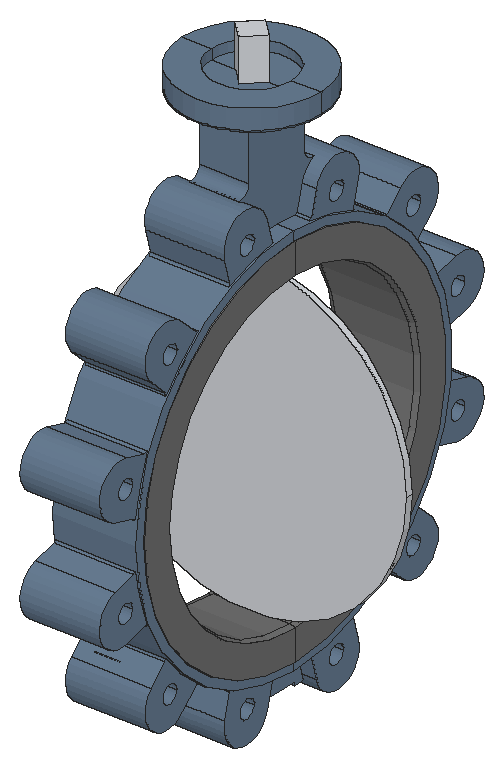
Revit family "Запорно-регулирующая заслонка AF-4219", category Rohrzubehör, Revit 2018
Family settings
  Bemaßung runder Anschluss = Durchmesser verwenden
  Teiletyp = Unterbricht
  OmniClass-Nummer = 23.65.55.14
  OmniClass-Titel = Valves for Liquid Services
  Arbeitsebenenbasiert = Nein
  Immer vertikal = Ja
  Beim Laden mit Abzugskörper schneiden = Nein
  Gemeinsam genutzt = Nein
Parameters
  Шпиндель = "Нержавеющая сталь ASTM-A276 / Type 316"  # constant formula
  Фланцевое соединение = "В соответствии с EN1092-2"  # constant formula
  Уплотнение корпуса = "EPDM в соответствии с ISO 1691"  # constant formula
  Среда = "Качество теплоносителя в соответствии с ÖNORM H5195 и/или предписаниями VDI 2035.\r\nРазрешается использование смеси этилен или пропиленгликоля в соотношении 25-50% с водой."
  Область применения = "Применяются в системах тепло- и холодоснабжения."
  Номер заказа [instance] = size_lookup("4219_AF_", "Artnr", 421911, Nennweite)  # 1421939
  Макс. рабочая температура = 110 °C  # constant formula
  Крутящий момент в Нм [instance] = size_lookup("4219_AF_", "Nm", 20, Nennweite)  # 350
  Корпус = "Чугун GGG, GJS-400-15/JS1030, в соответствии с EN1563"  # constant formula
  Диск = "Нержавеющая сталь 1.4408"  # constant formula
  Вес [instance] = size_lookup("4219_AF_", "Gewicht", 3.8, Nennweite)  # 37.6
  Болты [instance] = if(Nennweite = 50.000 mm, "4x M16x35", if(Nennweite = 65.000 mm, "4x M16x35", if(Nennweite = 80.000 mm, "8x M16x35", if(Nennweite = 100.000 mm, "8x M16x40", if(Nennweite = 125.000 mm, "8x M16x40", if(Nennweite = 150.000 mm, "8x M20x40", if(Nennweite = 200.000 mm, "12x M20x45", if(Nennweite = 250.000 mm, "12x M24x45", "12x M24x45"))))))))  # "12x M24x45"
  URL = "www.herz-armaturen.ru"
  SCTWSEQ = "FW;SBT_TYP_FW=\"101\";2"
  SCTWCODE = "04;07;02"  # constant formula
  SCRNSEQ = "ARM;ARM_TYP=\"ALLF\";2"
  SCRNCODE = "05;13;02"  # constant formula
  R99 = 1.500 mm  # constant formula
  R02 [instance] = size_lookup("4219_AF_", "R2", 1.000 mm, Nennweite)  # 37.500 mm
  PN [instance] = size_lookup("4219_AF_", "PN", 16, Nennweite)  # 10
  O-Ring = "EPDM в соответствии с ISO 1691"  # constant formula
  Мин. рабочая температура = "-20.00 °C при соответствующей водно-гликолевой смеси"  # constant formula
  L05 [instance] = size_lookup("4219_AF_", "L5", 1.000 mm, Nennweite)  # 22.000 mm
  L04 [instance] = L01 - 3.500 mm  # 35.500 mm
  L03 [instance] = L01 + 1.500 mm  # 40.500 mm
  L02 [instance] = size_lookup("4219_AF_", "L2", 14.500 mm, Nennweite)  # 30.500 mm
  L01 [instance] = size_lookup("4219_AF_", "L1", 21.500 mm, Nennweite)  # 39.000 mm
  R01 [instance] = size_lookup("4219_AF_", "R1", 44.000 mm, Nennweite)  # 65.000 mm
  Nennweite [instance] = 300.000 mm
  Hersteller = "HERZ Armaturen Ges.m.b.H."  # constant formula
  H05 [instance] = size_lookup("4219_AF_", "H5", 1.000 mm, Nennweite) + H03  # 39.000 mm
  H04 [instance] = H01 - H03  # 299.000 mm
  H03 [instance] = size_lookup("4219_AF_", "H3", 1.000 mm, Nennweite)  # 9.000 mm
  H02 [instance] = size_lookup("4219_AF_", "H2", 13.000 mm, Nennweite)  # 20.000 mm
  H01 [instance] = size_lookup("4219_AF_", "H1", 125.000 mm, Nennweite)  # 308.000 mm
  DN80 [instance] = Nennweite = 80.000 mm  # no
  DN65 [instance] = Nennweite = 65.000 mm  # no
  DN50 [instance] = Nennweite = 50.000 mm  # no
  DN300 [instance] = Nennweite = 300.000 mm  # yes
  DN250 [instance] = Nennweite = 250.000 mm  # no
  DN200 [instance] = Nennweite = 200.000 mm  # no
  DN150 [instance] = Nennweite = 150.000 mm  # no
  DN125 [instance] = Nennweite = 125.000 mm  # no
  DN100 [instance] = Nennweite = 100.000 mm  # no
  D06 [instance] = size_lookup("4219_AF_", "D6", 25.300 mm, Nennweite)  # 146.500 mm
  D05 [instance] = size_lookup("4219_AF_", "D5", 24.500 mm, Nennweite)  # 145.000 mm
  D04 [instance] = D05 + 2.000 mm  # 147.000 mm
  D03 [instance] = size_lookup("4219_AF_", "D3", 35.500 mm, Nennweite)  # 167.500 mm
  D02 [instance] = size_lookup("4219_AF_", "D2", 41.000 mm, Nennweite)  # 175.000 mm
  D01 [instance] = size_lookup("4219_AF_", "D1", 47.000 mm, Nennweite)  # 183.000 mm
Reference planes
  plane 1 "Mitte (Vorne/hinten)": y = 0
  plane 2: z = 0
  plane 3 "Mitte (Links/rechts)": x = 0
Forms (mm)
  Revolve 1, solid, material "Herz-Metall-blau", detail levels fine
    sketch origin (0, 0, 0) x (1, 0, 0) y (0, 0, 1)
      loop
        line (-30.5, 175) -> (-30.5, 167.5) -> (30.5, 167.5) -> (30.5, 175) -> (39, 175) -> (39, 183) -> (-39, 183) -> (-39, 175) -> (-30.5, 175)
      axis (-39, 0) -> (39, 0)
    angle from 0 to 360
  Revolve 2, solid, material "Herz-Metall-blau", detail levels fine
    sketch origin (0, 0, 0) x (1, 0, 0) y (0, 0, 1)
      loop
        line (-65, 308) -> (-65, 289.463)
        arc (-65, 289.463) -> (-64.673, 288.527) -> (-63.833, 288) r 1.5
        line (-63.833, 288) -> (0, 288) -> (0, 299) -> (-37.5, 299) -> (-37.5, 308) -> (-65, 308)
      axis (0, 308) -> (0, 288)
    angle from 0 to 360
  Extrusion 3, solid, material "Herz-Metall-blau", visible <- "DN50", detail levels fine
    sketch origin (0, 0, 0) x (0, 1, 0) y (0, 0, 1)
      loop
        line (56.215, -32.173) -> (43.95, -19.909)
        arc (43.95, -19.909) -> (43.387, -18.793) -> (43.596, -17.56) r 2
        arc (43.596, -17.56) -> (33.234, -33.234) -> (17.56, -43.596) r 47
        arc (17.56, -43.596) -> (18.793, -43.387) -> (19.909, -43.95) r 2
        line (19.909, -43.95) -> (32.173, -56.215)
        arc (32.173, -56.215) -> (56.215, -56.215) -> (56.215, -32.173) r 17
      loop
        arc (-56.215, -32.173) -> (-56.215, -56.215) -> (-32.173, -56.215) r 17
        line (-32.173, -56.215) -> (-19.909, -43.95)
        arc (-19.909, -43.95) -> (-18.793, -43.387) -> (-17.56, -43.596) r 2
        arc (-17.56, -43.596) -> (-33.234, -33.234) -> (-43.596, -17.56) r 47
        arc (-43.596, -17.56) -> (-43.387, -18.793) -> (-43.95, -19.909) r 2
        line (-43.95, -19.909) -> (-56.215, -32.173)
      loop
        arc (56.215, 32.173) -> (56.215, 56.215) -> (32.173, 56.215) r 17
        line (32.173, 56.215) -> (19.909, 43.95)
        arc (19.909, 43.95) -> (18.793, 43.387) -> (17.56, 43.596) r 2
        arc (17.56, 43.596) -> (33.234, 33.234) -> (43.596, 17.56) r 47
        arc (43.596, 17.56) -> (43.387, 18.793) -> (43.95, 19.909) r 2
        line (43.95, 19.909) -> (56.215, 32.173)
      loop
        line (-56.215, 32.173) -> (-43.95, 19.909)
        arc (-43.95, 19.909) -> (-43.387, 18.793) -> (-43.596, 17.56) r 2
        arc (-43.596, 17.56) -> (-33.234, 33.234) -> (-17.56, 43.596) r 47
        arc (-17.56, 43.596) -> (-18.793, 43.387) -> (-19.909, 43.95) r 2
        line (-19.909, 43.95) -> (-32.173, 56.215)
        arc (-32.173, 56.215) -> (-56.215, 56.215) -> (-56.215, 32.173) r 17
      loop
        circle (-44.194, 44.194) r 6.92
      loop
        circle (44.194, 44.194) r 6.92
      loop
        circle (44.194, -44.194) r 6.92
      loop
        circle (-44.194, -44.194) r 6.92
    from -19.5 to 19.5
  Extrusion 4, solid, material "Herz-Metall-blau", visible <- "DN50", detail levels fine
    sketch origin (0, 0, 0) x (0, 1, 0) y (0, 0, 1)
      loop
        line (20, 74.845) -> (20, 112) -> (-20, 112) -> (-20, 74.845)
        arc (-20, 74.845) -> (-26.046, 62.811) -> (-39.31, 60.477) r 15
        arc (-39.31, 60.477) -> (-35.477, 58.789) -> (-32.173, 56.215) r 17
        line (-32.173, 56.215) -> (-19.909, 43.95)
        arc (-19.909, 43.95) -> (-18.793, 43.387) -> (-17.56, 43.596) r 2
        arc (-17.56, 43.596) -> (0, 47) -> (17.56, 43.596) r 47
        arc (17.56, 43.596) -> (18.793, 43.387) -> (19.909, 43.95) r 2
        line (19.909, 43.95) -> (32.173, 56.215)
        arc (32.173, 56.215) -> (35.477, 58.789) -> (39.31, 60.477) r 17
        arc (39.31, 60.477) -> (26.046, 62.811) -> (20, 74.845) r 15
    from -15 to 15
  Extrusion 5, solid, material "Herz-Metall-blau", visible <- "DN50"
    sketch origin (0, 0, 0) x (0, 1, 0) y (0, 0, 1)
      loop
        arc (33.834, -58) -> (34.246, -58.062) -> (34.622, -58.243) r 1.4
        arc (34.622, -58.243) -> (33.35, -57.286) -> (32.173, -56.215) r 17
        line (32.173, -56.215) -> (19.909, -43.95)
        arc (19.909, -43.95) -> (18.793, -43.387) -> (17.56, -43.596) r 2
        arc (17.56, -43.596) -> (0, -47) -> (-17.56, -43.596) r 47
        arc (-17.56, -43.596) -> (-18.793, -43.387) -> (-19.909, -43.95) r 2
        line (-19.909, -43.95) -> (-32.173, -56.215)
        arc (-32.173, -56.215) -> (-33.35, -57.286) -> (-34.622, -58.243) r 17
        arc (-34.622, -58.243) -> (-34.246, -58.062) -> (-33.834, -58) r 1.4
        line (-33.834, -58) -> (-16.963, -58)
        arc (-16.963, -58) -> (-15.575, -58.575) -> (-15, -59.963) r 1.963
        line (-15, -59.963) -> (-15, -61) -> (15, -61) -> (15, -59.963)
        arc (15, -59.963) -> (15.575, -58.575) -> (16.963, -58) r 1.963
        line (16.963, -58) -> (33.834, -58)
    from -15 to 15
  Revolve 6, solid, material "Gummi", detail levels fine
    sketch origin (-134.5, 0, 0) x (1, 0, 0) y (0, 0, 1)
      loop
        line (94, 175) -> (94, 147) -> (99, 145) -> (170, 145) -> (175, 147) -> (175, 175) -> (165, 175) -> (165, 167.5) -> (104, 167.5) -> (104, 175) -> (94, 175)
      axis (94, 0) -> (175, 0)
    angle from 0 to 360
  Extrusion 7, solid, detail levels fine
    sketch origin (0, 0, 0) x (1, 0, 0) y (0, 0, 1)
      loop
        circle (0, 0) r 146.5
    from -2.5 to 2.5
  Extrusion 8, solid, material "Herz-Metall-blau", visible <- "DN65", detail levels fine
    sketch origin (0, -300, 0) x (0, 1, 0) y (0, 0, 1)
      loop
        circle (351.265, 51.265) r 6.92
      loop
        arc (363.286, 39.244) -> (363.286, 63.286) -> (339.244, 63.286) r 17
        line (339.244, 63.286) -> (328.595, 52.636)
        arc (328.595, 52.636) -> (327.499, 52.076) -> (326.282, 52.264) r 2
        arc (326.282, 52.264) -> (341.366, 41.366) -> (352.264, 26.282) r 58.501
        arc (352.264, 26.282) -> (352.087, 27.51) -> (352.656, 28.614) r 2.038
        line (352.656, 28.614) -> (363.286, 39.244)
      loop
        circle (351.265, -51.265) r 6.92
      loop
        line (363.286, -39.244) -> (352.656, -28.614)
        arc (352.656, -28.614) -> (352.087, -27.51) -> (352.264, -26.282) r 2.038
        arc (352.264, -26.282) -> (341.366, -41.366) -> (326.282, -52.264) r 58.501
        arc (326.282, -52.264) -> (327.499, -52.076) -> (328.595, -52.636) r 2
        line (328.595, -52.636) -> (339.244, -63.286)
        arc (339.244, -63.286) -> (363.286, -63.286) -> (363.286, -39.244) r 17
      loop
        circle (248.735, 51.265) r 6.92
      loop
        line (236.714, 39.244) -> (247.344, 28.614)
        arc (247.344, 28.614) -> (247.913, 27.51) -> (247.736, 26.282) r 2.038
        arc (247.736, 26.282) -> (258.634, 41.366) -> (273.718, 52.264) r 58.501
        arc (273.718, 52.264) -> (272.501, 52.076) -> (271.405, 52.636) r 2
        line (271.405, 52.636) -> (260.756, 63.286)
        arc (260.756, 63.286) -> (236.714, 63.286) -> (236.714, 39.244) r 17
      loop
        circle (248.735, -51.265) r 6.92
      loop
        arc (236.714, -39.244) -> (236.714, -63.286) -> (260.756, -63.286) r 17
        line (260.756, -63.286) -> (271.405, -52.636)
        arc (271.405, -52.636) -> (272.501, -52.076) -> (273.718, -52.264) r 2
        arc (273.718, -52.264) -> (258.634, -41.366) -> (247.736, -26.282) r 58.501
        arc (247.736, -26.282) -> (247.913, -27.51) -> (247.344, -28.614) r 2.038
        line (247.344, -28.614) -> (236.714, -39.244)
    from -21 to 21
  Extrusion 9, solid, material "Herz-Metall-blau", visible <- "DN65", detail levels fine
    sketch origin (0, -300, 0) x (0, 1, 0) y (0, 0, 1)
      loop
        line (278, 136.5) -> (278, 78.286)
        arc (278, 78.286) -> (272.889, 69.099) -> (263, 65.53) r 14.984
        line (263, 65.53) -> (257.982, 65.53)
        arc (257.982, 65.53) -> (259.428, 64.481) -> (260.756, 63.286) r 17
        line (260.756, 63.286) -> (271.405, 52.636)
        arc (271.405, 52.636) -> (272.501, 52.076) -> (273.718, 52.264) r 2
        arc (273.718, 52.264) -> (300, 58.5) -> (326.282, 52.264) r 58.5
        arc (326.282, 52.264) -> (327.499, 52.076) -> (328.595, 52.636) r 2
        line (328.595, 52.636) -> (339.244, 63.286)
        arc (339.244, 63.286) -> (340.572, 64.481) -> (342.018, 65.53) r 17
        line (342.018, 65.53) -> (337, 65.53)
        arc (337, 65.53) -> (327.111, 69.099) -> (322, 78.286) r 14.984
        line (322, 78.286) -> (322, 136.5) -> (278, 136.5)
      loop
        arc (260.756, -63.286) -> (259.428, -64.481) -> (257.982, -65.53) r 17
        line (257.982, -65.53) -> (280.029, -65.53)
        arc (280.029, -65.53) -> (281.423, -66.108) -> (282, -67.501) r 1.971
        line (282, -67.501) -> (282, -74) -> (318, -74) -> (318, -67.527)
        arc (318, -67.527) -> (318.585, -66.115) -> (319.997, -65.53) r 1.997
        line (319.997, -65.53) -> (342.018, -65.53)
        arc (342.018, -65.53) -> (340.572, -64.481) -> (339.244, -63.286) r 17
        line (339.244, -63.286) -> (328.595, -52.636)
        arc (328.595, -52.636) -> (327.499, -52.076) -> (326.282, -52.264) r 2
        arc (326.282, -52.264) -> (300, -58.5) -> (273.718, -52.264) r 58.5
        arc (273.718, -52.264) -> (272.501, -52.076) -> (271.405, -52.636) r 2
        line (271.405, -52.636) -> (260.756, -63.286)
    from -18 to 18
  Extrusion 10, solid, material "Herz-Metall-blau", visible <- "DN80", detail levels fine
    sketch origin (0, -300, 0) x (0, 1, 0) y (0, 0, 1)
      loop
        circle (269.385, 73.91) r 6.92
      loop
        arc (285.091, 80.416) -> (262.88, 89.616) -> (253.679, 67.405) r 17
        line (253.679, 67.405) -> (259.513, 53.322)
        arc (259.513, 53.322) -> (259.602, 52.073) -> (258.924, 51.02) r 1.982
        arc (258.924, 51.02) -> (274.934, 60.514) -> (292.968, 65.121) r 65.5
        arc (292.968, 65.121) -> (291.745, 65.388) -> (290.924, 66.335) r 1.984
        line (290.924, 66.335) -> (285.091, 80.416)
      loop
        circle (226.09, 30.615) r 6.92
      loop
        line (219.584, 14.909) -> (233.665, 9.076)
        arc (233.665, 9.076) -> (234.612, 8.255) -> (234.879, 7.032) r 1.984
        arc (234.879, 7.032) -> (239.486, 25.066) -> (248.98, 41.076) r 65.5
        arc (248.98, 41.076) -> (247.927, 40.398) -> (246.678, 40.487) r 1.982
        line (246.678, 40.487) -> (232.595, 46.321)
        arc (232.595, 46.321) -> (210.384, 37.12) -> (219.584, 14.909) r 17
      loop
        circle (269.385, -73.91) r 6.92
      loop
        line (285.091, -80.416) -> (290.924, -66.335)
        arc (290.924, -66.335) -> (291.745, -65.388) -> (292.968, -65.121) r 1.984
        arc (292.968, -65.121) -> (274.934, -60.514) -> (258.924, -51.02) r 65.5
        arc (258.924, -51.02) -> (259.602, -52.073) -> (259.513, -53.322) r 1.982
        line (259.513, -53.322) -> (253.679, -67.405)
        arc (253.679, -67.405) -> (262.88, -89.616) -> (285.091, -80.416) r 17
      loop
        circle (226.09, -30.615) r 6.92
      loop
        arc (219.584, -14.909) -> (210.384, -37.12) -> (232.595, -46.321) r 17
        line (232.595, -46.321) -> (246.678, -40.487)
        arc (246.678, -40.487) -> (247.927, -40.398) -> (248.98, -41.076) r 1.982
        arc (248.98, -41.076) -> (239.486, -25.066) -> (234.879, -7.032) r 65.5
        arc (234.879, -7.032) -> (234.612, -8.255) -> (233.665, -9.076) r 1.984
        line (233.665, -9.076) -> (219.584, -14.909)
      loop
        circle (330.615, 73.91) r 6.92
      loop
        line (314.909, 80.416) -> (309.076, 66.335)
        arc (309.076, 66.335) -> (308.255, 65.388) -> (307.032, 65.121) r 1.984
        arc (307.032, 65.121) -> (325.066, 60.514) -> (341.076, 51.02) r 65.5
        arc (341.076, 51.02) -> (340.398, 52.073) -> (340.487, 53.322) r 1.982
        line (340.487, 53.322) -> (346.321, 67.405)
        arc (346.321, 67.405) -> (337.12, 89.616) -> (314.909, 80.416) r 17
      loop
        circle (373.91, 30.615) r 6.92
      loop
        arc (380.416, 14.909) -> (389.616, 37.12) -> (367.405, 46.321) r 17
        line (367.405, 46.321) -> (353.322, 40.487)
        arc (353.322, 40.487) -> (352.073, 40.398) -> (351.02, 41.076) r 1.982
        arc (351.02, 41.076) -> (360.514, 25.066) -> (365.121, 7.032) r 65.5
        arc (365.121, 7.032) -> (365.388, 8.255) -> (366.335, 9.076) r 1.984
        line (366.335, 9.076) -> (380.416, 14.909)
      loop
        circle (330.615, -73.91) r 6.92
      loop
        arc (314.909, -80.416) -> (337.12, -89.616) -> (346.321, -67.405) r 17
        line (346.321, -67.405) -> (340.487, -53.322)
        arc (340.487, -53.322) -> (340.398, -52.073) -> (341.076, -51.02) r 1.982
        arc (341.076, -51.02) -> (325.066, -60.514) -> (307.032, -65.121) r 65.5
        arc (307.032, -65.121) -> (308.255, -65.388) -> (309.076, -66.335) r 1.984
        line (309.076, -66.335) -> (314.909, -80.416)
      loop
        circle (373.91, -30.615) r 6.92
      loop
        line (380.416, -14.909) -> (366.335, -9.076)
        arc (366.335, -9.076) -> (365.388, -8.255) -> (365.121, -7.032) r 1.984
        arc (365.121, -7.032) -> (360.514, -25.066) -> (351.02, -41.076) r 65.5
        arc (351.02, -41.076) -> (352.073, -40.398) -> (353.322, -40.487) r 1.982
        line (353.322, -40.487) -> (367.405, -46.321)
        arc (367.405, -46.321) -> (389.616, -37.12) -> (380.416, -14.909) r 17
    from -21 to 21
  Extrusion 11, solid, material "Herz-Metall-blau", visible <- "DN80", detail levels fine
    sketch origin (0, -300, 0) x (0, 1, 0) y (0, 0, 1)
      loop
        line (278, 143.5) -> (278, 100.814)
        arc (278, 100.814) -> (275.545, 94.251) -> (269.385, 90.91) r 10
        arc (269.385, 90.91) -> (278.83, 88.045) -> (285.091, 80.416) r 17
        line (285.091, 80.416) -> (290.924, 66.335)
        arc (290.924, 66.335) -> (291.744, 65.388) -> (292.968, 65.121) r 1.984
        arc (292.968, 65.121) -> (300, 65.497) -> (307.032, 65.121) r 66.05
        arc (307.032, 65.121) -> (308.256, 65.388) -> (309.076, 66.335) r 1.984
        line (309.076, 66.335) -> (314.909, 80.416)
        arc (314.909, 80.416) -> (321.17, 88.045) -> (330.615, 90.91) r 17
        arc (330.615, 90.91) -> (324.455, 94.251) -> (322, 100.814) r 10
        line (322, 100.814) -> (322, 143.5) -> (278, 143.5)
      loop
        line (285.091, -80.416) -> (286.5, -80.946) -> (313.5, -80.946) -> (314.89, -80.371) -> (309.076, -66.335)
        arc (309.076, -66.335) -> (308.256, -65.388) -> (307.032, -65.121) r 1.984
        arc (307.032, -65.121) -> (300, -65.497) -> (292.968, -65.121) r 66.05
        arc (292.968, -65.121) -> (291.744, -65.388) -> (290.924, -66.335) r 1.984
        line (290.924, -66.335) -> (285.091, -80.416)
    from -18.5 to 18.5
  Extrusion 12, solid, material "Herz-Metall-blau", visible <- "DN100", detail levels fine
    sketch origin (0, -300, 0) x (0, 1, 0) y (0, 0, 1)
      loop
        circle (265.558, 83.149) r 6.92
      loop
        arc (281.264, 89.655) -> (259.053, 98.855) -> (249.853, 76.644) r 17
        line (249.853, 76.644) -> (255.731, 62.451)
        arc (255.731, 62.451) -> (255.813, 61.14) -> (255.074, 60.055) r 2.025
        arc (255.074, 60.055) -> (271.3, 69.291) -> (289.305, 74.233) r 75
        arc (289.305, 74.233) -> (288.012, 74.478) -> (287.142, 75.464) r 2.027
        line (287.142, 75.464) -> (281.264, 89.655)
      loop
        circle (216.851, 34.442) r 6.92
      loop
        line (210.345, 18.736) -> (224.536, 12.858)
        arc (224.536, 12.858) -> (225.522, 11.988) -> (225.767, 10.695) r 2.027
        arc (225.767, 10.695) -> (230.709, 28.7) -> (239.945, 44.926) r 75
        arc (239.945, 44.926) -> (238.86, 44.187) -> (237.549, 44.269) r 2.025
        line (237.549, 44.269) -> (223.356, 50.147)
        arc (223.356, 50.147) -> (201.145, 40.947) -> (210.345, 18.736) r 17
      loop
        circle (265.558, -83.149) r 6.92
      loop
        line (281.264, -89.655) -> (287.142, -75.464)
        arc (287.142, -75.464) -> (288.012, -74.478) -> (289.305, -74.233) r 2.027
        arc (289.305, -74.233) -> (271.3, -69.291) -> (255.074, -60.055) r 75
        arc (255.074, -60.055) -> (255.813, -61.14) -> (255.731, -62.451) r 2.025
        line (255.731, -62.451) -> (249.853, -76.644)
        arc (249.853, -76.644) -> (259.053, -98.855) -> (281.264, -89.655) r 17
      loop
        circle (216.851, -34.442) r 6.92
      loop
        arc (210.345, -18.736) -> (201.145, -40.947) -> (223.356, -50.147) r 17
        line (223.356, -50.147) -> (237.549, -44.269)
        arc (237.549, -44.269) -> (238.86, -44.187) -> (239.945, -44.926) r 2.025
        arc (239.945, -44.926) -> (230.709, -28.7) -> (225.767, -10.695) r 75
        arc (225.767, -10.695) -> (225.522, -11.988) -> (224.536, -12.858) r 2.027
        line (224.536, -12.858) -> (210.345, -18.736)
      loop
        circle (334.442, 83.149) r 6.92
      loop
        line (318.736, 89.655) -> (312.858, 75.464)
        arc (312.858, 75.464) -> (311.988, 74.478) -> (310.695, 74.233) r 2.027
        arc (310.695, 74.233) -> (328.7, 69.291) -> (344.926, 60.055) r 75
        arc (344.926, 60.055) -> (344.187, 61.14) -> (344.269, 62.451) r 2.025
        line (344.269, 62.451) -> (350.147, 76.644)
        arc (350.147, 76.644) -> (340.947, 98.855) -> (318.736, 89.655) r 17
      loop
        circle (383.149, 34.442) r 6.92
      loop
        arc (389.655, 18.736) -> (398.855, 40.947) -> (376.644, 50.147) r 17
        line (376.644, 50.147) -> (362.451, 44.269)
        arc (362.451, 44.269) -> (361.14, 44.187) -> (360.055, 44.926) r 2.025
        arc (360.055, 44.926) -> (369.291, 28.7) -> (374.233, 10.695) r 75
        arc (374.233, 10.695) -> (374.478, 11.988) -> (375.464, 12.858) r 2.027
        line (375.464, 12.858) -> (389.655, 18.736)
      loop
        circle (334.442, -83.149) r 6.92
      loop
        arc (318.736, -89.655) -> (340.947, -98.855) -> (350.147, -76.644) r 17
        line (350.147, -76.644) -> (344.269, -62.451)
        arc (344.269, -62.451) -> (344.187, -61.14) -> (344.926, -60.055) r 2.025
        arc (344.926, -60.055) -> (328.7, -69.291) -> (310.695, -74.233) r 75
        arc (310.695, -74.233) -> (311.988, -74.478) -> (312.858, -75.464) r 2.027
        line (312.858, -75.464) -> (318.736, -89.655)
      loop
        circle (383.149, -34.442) r 6.92
      loop
        line (389.655, -18.736) -> (375.464, -12.858)
        arc (375.464, -12.858) -> (374.478, -11.988) -> (374.233, -10.695) r 2.027
        arc (374.233, -10.695) -> (369.291, -28.7) -> (360.055, -44.926) r 75
        arc (360.055, -44.926) -> (361.14, -44.187) -> (362.451, -44.269) r 2.025
        line (362.451, -44.269) -> (376.644, -50.147)
        arc (376.644, -50.147) -> (398.855, -40.947) -> (389.655, -18.736) r 17
    from -24 to 24
  Extrusion 13, solid, material "Herz-Metall-blau", visible <- "DN100", detail levels fine
    sketch origin (0, -300, 0) x (0, 1, 0) y (0, 0, 1)
      loop
        line (274, 167) -> (274, 114.47)
        arc (274, 114.47) -> (270.644, 105.014) -> (262.078, 99.789) r 15
        arc (262.078, 99.789) -> (273.498, 98.181) -> (281.264, 89.655) r 17
        line (281.264, 89.655) -> (287.142, 75.464)
        arc (287.142, 75.464) -> (288.012, 74.478) -> (289.305, 74.233) r 2.027
        arc (289.305, 74.233) -> (300, 75) -> (310.695, 74.233) r 75
        arc (310.695, 74.233) -> (311.988, 74.478) -> (312.858, 75.464) r 2.027
        line (312.858, 75.464) -> (318.736, 89.655)
        arc (318.736, 89.655) -> (326.502, 98.181) -> (337.922, 99.789) r 17
        arc (337.922, 99.789) -> (329.356, 105.014) -> (326, 114.47) r 15
        line (326, 114.47) -> (326, 167) -> (274, 167)
      loop
        line (286.5, -93) -> (313.5, -93) -> (313.5, -96) -> (323.312, -96)
        arc (323.312, -96) -> (320.654, -93.094) -> (318.736, -89.655) r 17
        line (318.736, -89.655) -> (312.858, -75.464)
        arc (312.858, -75.464) -> (311.988, -74.478) -> (310.695, -74.233) r 2.027
        arc (310.695, -74.233) -> (300, -75) -> (289.305, -74.233) r 75
        arc (289.305, -74.233) -> (288.012, -74.478) -> (287.142, -75.464) r 2.027
        line (287.142, -75.464) -> (281.264, -89.655)
        arc (281.264, -89.655) -> (279.346, -93.094) -> (276.688, -96) r 17
        line (276.688, -96) -> (286.5, -96) -> (286.5, -93)
    from -18 to 18
  Extrusion 14, solid, material "Herz-Metall-blau", visible <- "DN125", detail levels fine
    sketch origin (0, -300, 0) x (0, 1, 0) y (0, 0, 1)
      loop
        circle (259.818, 97.007) r 6.92
      loop
        arc (275.524, 103.513) -> (253.313, 112.713) -> (244.112, 90.502) r 17
        line (244.112, 90.502) -> (249.217, 78.179)
        arc (249.217, 78.179) -> (249.286, 76.825) -> (248.485, 75.731) r 2.023
        arc (248.485, 75.731) -> (264.902, 84.594) -> (282.772, 89.957) r 91.852
        arc (282.772, 89.957) -> (281.505, 90.18) -> (280.649, 91.141) r 1.958
        line (280.649, 91.141) -> (275.524, 103.513)
      loop
        circle (202.993, 40.182) r 6.92
      loop
        line (196.487, 24.476) -> (208.859, 19.351)
        arc (208.859, 19.351) -> (209.82, 18.495) -> (210.043, 17.228) r 1.958
        arc (210.043, 17.228) -> (215.406, 35.098) -> (224.269, 51.515) r 91.852
        arc (224.269, 51.515) -> (223.175, 50.714) -> (221.821, 50.783) r 2.023
        line (221.821, 50.783) -> (209.498, 55.888)
        arc (209.498, 55.888) -> (187.287, 46.687) -> (196.487, 24.476) r 17
      loop
        circle (259.818, -97.007) r 6.92
      loop
        line (275.524, -103.513) -> (280.649, -91.141)
        arc (280.649, -91.141) -> (281.505, -90.18) -> (282.772, -89.957) r 1.958
        arc (282.772, -89.957) -> (264.902, -84.594) -> (248.485, -75.731) r 91.852
        arc (248.485, -75.731) -> (249.286, -76.825) -> (249.217, -78.179) r 2.023
        line (249.217, -78.179) -> (244.112, -90.502)
        arc (244.112, -90.502) -> (253.313, -112.713) -> (275.524, -103.513) r 17
      loop
        circle (202.993, -40.182) r 6.92
      loop
        arc (196.487, -24.476) -> (187.287, -46.687) -> (209.498, -55.888) r 17
        line (209.498, -55.888) -> (221.821, -50.783)
        arc (221.821, -50.783) -> (223.175, -50.714) -> (224.269, -51.515) r 2.023
        arc (224.269, -51.515) -> (215.406, -35.098) -> (210.043, -17.228) r 91.852
        arc (210.043, -17.228) -> (209.82, -18.495) -> (208.859, -19.351) r 1.958
        line (208.859, -19.351) -> (196.487, -24.476)
      loop
        circle (340.182, 97.007) r 6.92
      loop
        line (324.476, 103.513) -> (319.351, 91.141)
        arc (319.351, 91.141) -> (318.495, 90.18) -> (317.228, 89.957) r 1.958
        arc (317.228, 89.957) -> (335.098, 84.594) -> (351.515, 75.731) r 91.852
        arc (351.515, 75.731) -> (350.714, 76.825) -> (350.783, 78.179) r 2.023
        line (350.783, 78.179) -> (355.888, 90.502)
        arc (355.888, 90.502) -> (346.687, 112.713) -> (324.476, 103.513) r 17
      loop
        circle (397.007, 40.182) r 6.92
      loop
        arc (403.513, 24.476) -> (412.713, 46.687) -> (390.502, 55.888) r 17
        line (390.502, 55.888) -> (378.179, 50.783)
        arc (378.179, 50.783) -> (376.825, 50.714) -> (375.731, 51.515) r 2.023
        arc (375.731, 51.515) -> (384.594, 35.098) -> (389.957, 17.228) r 91.852
        arc (389.957, 17.228) -> (390.18, 18.495) -> (391.141, 19.351) r 1.958
        line (391.141, 19.351) -> (403.513, 24.476)
      loop
        circle (340.182, -97.007) r 6.92
      loop
        arc (324.476, -103.513) -> (346.687, -112.713) -> (355.888, -90.502) r 17
        line (355.888, -90.502) -> (350.783, -78.179)
        arc (350.783, -78.179) -> (350.714, -76.825) -> (351.515, -75.731) r 2.023
        arc (351.515, -75.731) -> (335.098, -84.594) -> (317.228, -89.957) r 91.852
        arc (317.228, -89.957) -> (318.495, -90.18) -> (319.351, -91.141) r 1.958
        line (319.351, -91.141) -> (324.476, -103.513)
      loop
        circle (397.007, -40.182) r 6.92
      loop
        line (403.513, -24.476) -> (391.141, -19.351)
        arc (391.141, -19.351) -> (390.18, -18.495) -> (389.957, -17.228) r 1.958
        arc (389.957, -17.228) -> (384.594, -35.098) -> (375.731, -51.515) r 91.852
        arc (375.731, -51.515) -> (376.825, -50.714) -> (378.179, -50.783) r 2.023
        line (378.179, -50.783) -> (390.502, -55.888)
        arc (390.502, -55.888) -> (412.713, -46.687) -> (403.513, -24.476) r 17
    from -26 to 26
  Extrusion 15, solid, material "Herz-Metall-blau", visible <- "DN125", detail levels fine
    sketch origin (0, -300, 0) x (0, 1, 0) y (0, 0, 1)
      loop
        line (273.999, 186) -> (273.95, 123.689)
        arc (273.95, 123.689) -> (270.458, 116.096) -> (262.42, 113.807) r 10
        arc (262.42, 113.807) -> (270.32, 110.376) -> (275.524, 103.513) r 17
        line (275.524, 103.513) -> (280.649, 91.141)
        arc (280.649, 91.141) -> (281.528, 90.167) -> (282.825, 89.967) r 1.958
        arc (282.825, 89.967) -> (299.999, 91.589) -> (317.173, 89.967) r 91.7
        arc (317.173, 89.967) -> (318.469, 90.167) -> (319.348, 91.141) r 1.958
        line (319.348, 91.141) -> (324.473, 103.513)
        arc (324.473, 103.513) -> (329.677, 110.376) -> (337.577, 113.807) r 17
        arc (337.577, 113.807) -> (329.539, 116.096) -> (325.999, 123.689) r 10
        line (325.999, 123.689) -> (325.999, 186) -> (273.999, 186)
      loop
        line (286.499, -110.51) -> (313.499, -110.51) -> (313.499, -113.51) -> (336.099, -113.51)
        arc (336.099, -113.51) -> (329.095, -109.897) -> (324.473, -103.513) r 17
        line (324.473, -103.513) -> (319.348, -91.141)
        arc (319.348, -91.141) -> (318.469, -90.167) -> (317.173, -89.967) r 1.958
        arc (317.173, -89.967) -> (299.999, -91.589) -> (282.825, -89.967) r 91.7
        arc (282.825, -89.967) -> (281.528, -90.167) -> (280.649, -91.141) r 1.958
        line (280.649, -91.141) -> (275.524, -103.513)
        arc (275.524, -103.513) -> (270.902, -109.897) -> (263.898, -113.51) r 17
        line (263.898, -113.51) -> (286.499, -113.51) -> (286.499, -110.51)
    from -18 to 18
  Extrusion 16, solid, material "Herz-Metall-blau", visible <- "DN150", detail levels fine
    sketch origin (0, -300, 0) x (0, 1, 0) y (0, 0, 1)
      loop
        circle (254.078, 110.866) r 8.645
      loop
        arc (273.479, 118.902) -> (246.042, 130.267) -> (234.677, 102.829) r 21
        line (234.677, 102.829) -> (241.591, 86.136)
        arc (241.591, 86.136) -> (241.664, 84.82) -> (240.899, 83.746) r 1.993
        arc (240.899, 83.746) -> (260.776, 94.698) -> (282.575, 101.008) r 102.504
        arc (282.575, 101.008) -> (281.263, 101.248) -> (280.379, 102.246) r 2.042
        line (280.379, 102.246) -> (273.479, 118.902)
      loop
        circle (189.134, 45.922) r 8.645
      loop
        line (181.098, 26.521) -> (197.754, 19.621)
        arc (197.754, 19.621) -> (198.752, 18.737) -> (198.992, 17.425) r 2.042
        arc (198.992, 17.425) -> (205.302, 39.224) -> (216.254, 59.101) r 102.504
        arc (216.254, 59.101) -> (215.18, 58.336) -> (213.864, 58.409) r 1.993
        line (213.864, 58.409) -> (197.171, 65.323)
        arc (197.171, 65.323) -> (169.733, 53.958) -> (181.098, 26.521) r 21
      loop
        circle (254.078, -110.866) r 8.645
      loop
        line (273.479, -118.902) -> (280.379, -102.246)
        arc (280.379, -102.246) -> (281.263, -101.248) -> (282.575, -101.008) r 2.042
        arc (282.575, -101.008) -> (260.776, -94.698) -> (240.899, -83.746) r 102.504
        arc (240.899, -83.746) -> (241.664, -84.82) -> (241.591, -86.136) r 1.993
        line (241.591, -86.136) -> (234.677, -102.829)
        arc (234.677, -102.829) -> (246.042, -130.267) -> (273.479, -118.902) r 21
      loop
        circle (189.134, -45.922) r 8.645
      loop
        arc (181.098, -26.521) -> (169.733, -53.958) -> (197.171, -65.323) r 21
        line (197.171, -65.323) -> (213.864, -58.409)
        arc (213.864, -58.409) -> (215.18, -58.336) -> (216.254, -59.101) r 1.993
        arc (216.254, -59.101) -> (205.302, -39.224) -> (198.992, -17.425) r 102.504
        arc (198.992, -17.425) -> (198.752, -18.737) -> (197.754, -19.621) r 2.042
        line (197.754, -19.621) -> (181.098, -26.521)
      loop
        circle (345.922, 110.866) r 8.645
      loop
        line (326.521, 118.902) -> (319.621, 102.246)
        arc (319.621, 102.246) -> (318.737, 101.248) -> (317.425, 101.008) r 2.042
        arc (317.425, 101.008) -> (339.224, 94.698) -> (359.101, 83.746) r 102.504
        arc (359.101, 83.746) -> (358.336, 84.82) -> (358.409, 86.136) r 1.993
        line (358.409, 86.136) -> (365.323, 102.829)
        arc (365.323, 102.829) -> (353.958, 130.267) -> (326.521, 118.902) r 21
      loop
        circle (410.866, 45.922) r 8.645
      loop
        arc (418.902, 26.521) -> (430.267, 53.958) -> (402.829, 65.323) r 21
        line (402.829, 65.323) -> (386.136, 58.409)
        arc (386.136, 58.409) -> (384.82, 58.336) -> (383.746, 59.101) r 1.993
        arc (383.746, 59.101) -> (394.698, 39.224) -> (401.008, 17.425) r 102.504
        arc (401.008, 17.425) -> (401.248, 18.737) -> (402.246, 19.621) r 2.042
        line (402.246, 19.621) -> (418.902, 26.521)
      loop
        circle (345.922, -110.866) r 8.645
      loop
        arc (326.521, -118.902) -> (353.958, -130.267) -> (365.323, -102.829) r 21
        line (365.323, -102.829) -> (358.409, -86.136)
        arc (358.409, -86.136) -> (358.336, -84.82) -> (359.101, -83.746) r 1.993
        arc (359.101, -83.746) -> (339.224, -94.698) -> (317.425, -101.008) r 102.504
        arc (317.425, -101.008) -> (318.737, -101.248) -> (319.621, -102.246) r 2.042
        line (319.621, -102.246) -> (326.521, -118.902)
      loop
        circle (410.866, -45.922) r 8.645
      loop
        line (418.902, -26.521) -> (402.246, -19.621)
        arc (402.246, -19.621) -> (401.248, -18.737) -> (401.008, -17.425) r 2.042
        arc (401.008, -17.425) -> (394.698, -39.224) -> (383.746, -59.101) r 102.504
        arc (383.746, -59.101) -> (384.82, -58.336) -> (386.136, -58.409) r 1.993
        line (386.136, -58.409) -> (402.829, -65.323)
        arc (402.829, -65.323) -> (430.267, -53.958) -> (418.902, -26.521) r 21
    from -26 to 26
  Extrusion 17, solid, material "Herz-Metall-blau", visible <- "DN150", detail levels fine
    sketch origin (0, -300, 0) x (0, 1, 0) y (0, 0, 1)
      loop
        line (274, 199) -> (274, 135)
        arc (274, 135) -> (272.527, 129.776) -> (268.541, 126.091) r 10
        arc (268.541, 126.091) -> (271.388, 122.755) -> (273.479, 118.902) r 21
        line (273.479, 118.902) -> (280.379, 102.246)
        arc (280.379, 102.246) -> (281.28, 101.239) -> (282.612, 101.014) r 2.042
        arc (282.612, 101.014) -> (300, 102.5) -> (317.388, 101.014) r 102.5
        arc (317.388, 101.014) -> (318.72, 101.239) -> (319.621, 102.246) r 2.042
        line (319.621, 102.246) -> (326.521, 118.902)
        arc (326.521, 118.902) -> (328.612, 122.755) -> (331.459, 126.091) r 21
        arc (331.459, 126.091) -> (327.473, 129.776) -> (326, 135) r 10
        line (326, 135) -> (326, 199) -> (274, 199)
      loop
        line (286.5, -122.5) -> (313.5, -122.5) -> (313.5, -125.5) -> (330.861, -125.5)
        arc (330.861, -125.5) -> (328.378, -122.407) -> (326.521, -118.902) r 21
        line (326.521, -118.902) -> (319.621, -102.246)
        arc (319.621, -102.246) -> (318.72, -101.239) -> (317.388, -101.014) r 2.042
        arc (317.388, -101.014) -> (300, -102.5) -> (282.612, -101.014) r 102.5
        arc (282.612, -101.014) -> (281.28, -101.239) -> (280.379, -102.246) r 2.042
        line (280.379, -102.246) -> (273.479, -118.902)
        arc (273.479, -118.902) -> (271.622, -122.407) -> (269.139, -125.5) r 21
        line (269.139, -125.5) -> (286.5, -125.5) -> (286.5, -122.5)
    from -18 to 18
  Extrusion 18, solid, material "Herz-Metall-blau", visible <- "DN200", detail levels fine
    sketch origin (0, -400, 0) x (0, 1, 0) y (0, 0, 1)
      loop
        circle (361.824, 142.474) r 8.645
      loop
        arc (382.109, 147.909) -> (356.389, 162.759) -> (341.54, 137.039) r 21
        line (341.54, 137.039) -> (345.801, 121.136)
        arc (345.801, 121.136) -> (345.679, 119.74) -> (344.688, 118.75) r 2.048
        arc (344.688, 118.75) -> (366.062, 126.527) -> (388.459, 130.491) r 131
        arc (388.459, 130.491) -> (387.159, 130.838) -> (386.388, 131.939) r 1.965
        line (386.388, 131.939) -> (382.109, 147.909)
      loop
        circle (257.526, 38.176) r 8.645
      loop
        line (252.091, 17.891) -> (268.061, 13.612)
        arc (268.061, 13.612) -> (269.162, 12.841) -> (269.509, 11.541) r 1.965
        arc (269.509, 11.541) -> (273.473, 33.938) -> (281.25, 55.312) r 131
        arc (281.25, 55.312) -> (280.26, 54.321) -> (278.864, 54.199) r 2.048
        line (278.864, 54.199) -> (262.961, 58.46)
        arc (262.961, 58.46) -> (237.241, 43.611) -> (252.091, 17.891) r 21
      loop
        circle (295.702, 104.298) r 8.645
      loop
        line (280.853, 89.449) -> (292.543, 77.758)
        arc (292.543, 77.758) -> (293.111, 76.539) -> (292.762, 75.24) r 1.965
        arc (292.762, 75.24) -> (307.393, 92.655) -> (324.816, 107.277) r 131
        arc (324.816, 107.277) -> (323.463, 106.914) -> (322.193, 107.506) r 2.048
        line (322.193, 107.506) -> (310.551, 119.147)
        arc (310.551, 119.147) -> (280.853, 119.147) -> (280.853, 89.449) r 21
      loop
        circle (361.824, -142.474) r 8.645
      loop
        line (382.109, -147.909) -> (386.388, -131.939)
        arc (386.388, -131.939) -> (387.159, -130.838) -> (388.459, -130.491) r 1.965
        arc (388.459, -130.491) -> (366.062, -126.527) -> (344.688, -118.75) r 131
        arc (344.688, -118.75) -> (345.679, -119.74) -> (345.801, -121.136) r 2.048
        line (345.801, -121.136) -> (341.54, -137.039)
        arc (341.54, -137.039) -> (356.389, -162.759) -> (382.109, -147.909) r 21
      loop
        circle (257.526, -38.176) r 8.645
      loop
        arc (252.091, -17.891) -> (237.241, -43.611) -> (262.961, -58.46) r 21
        line (262.961, -58.46) -> (278.864, -54.199)
        arc (278.864, -54.199) -> (280.26, -54.321) -> (281.25, -55.312) r 2.048
        arc (281.25, -55.312) -> (273.473, -33.938) -> (269.509, -11.541) r 131
        arc (269.509, -11.541) -> (269.162, -12.841) -> (268.061, -13.612) r 1.965
        line (268.061, -13.612) -> (252.091, -17.891)
      loop
        circle (295.702, -104.298) r 8.645
      loop
        arc (280.853, -89.449) -> (280.853, -119.147) -> (310.551, -119.147) r 21
        line (310.551, -119.147) -> (322.193, -107.506)
        arc (322.193, -107.506) -> (323.463, -106.914) -> (324.816, -107.277) r 2.048
        arc (324.816, -107.277) -> (307.393, -92.655) -> (292.762, -75.24) r 131
        arc (292.762, -75.24) -> (293.111, -76.539) -> (292.543, -77.758) r 1.965
        line (292.543, -77.758) -> (280.853, -89.449)
      loop
        circle (438.176, 142.474) r 8.645
      loop
        line (417.891, 147.909) -> (413.612, 131.939)
        arc (413.612, 131.939) -> (412.841, 130.838) -> (411.541, 130.491) r 1.965
        arc (411.541, 130.491) -> (433.938, 126.527) -> (455.312, 118.75) r 131
        arc (455.312, 118.75) -> (454.321, 119.74) -> (454.199, 121.136) r 2.048
        line (454.199, 121.136) -> (458.46, 137.039)
        arc (458.46, 137.039) -> (443.611, 162.759) -> (417.891, 147.909) r 21
      loop
        circle (542.474, 38.176) r 8.645
      loop
        arc (547.909, 17.891) -> (562.759, 43.611) -> (537.039, 58.46) r 21
        line (537.039, 58.46) -> (521.136, 54.199)
        arc (521.136, 54.199) -> (519.74, 54.321) -> (518.75, 55.312) r 2.048
        arc (518.75, 55.312) -> (526.527, 33.938) -> (530.491, 11.541) r 131
        arc (530.491, 11.541) -> (530.838, 12.841) -> (531.939, 13.612) r 1.965
        line (531.939, 13.612) -> (547.909, 17.891)
      loop
        circle (504.298, 104.298) r 8.645
      loop
        arc (519.147, 89.449) -> (519.147, 119.147) -> (489.449, 119.147) r 21
        line (489.449, 119.147) -> (477.807, 107.506)
        arc (477.807, 107.506) -> (476.537, 106.914) -> (475.184, 107.277) r 2.048
        arc (475.184, 107.277) -> (492.607, 92.655) -> (507.238, 75.24) r 131
        arc (507.238, 75.24) -> (506.889, 76.539) -> (507.457, 77.758) r 1.965
        line (507.457, 77.758) -> (519.147, 89.449)
      loop
        circle (438.176, -142.474) r 8.645
      loop
        arc (417.891, -147.909) -> (443.611, -162.759) -> (458.46, -137.039) r 21
        line (458.46, -137.039) -> (454.199, -121.136)
        arc (454.199, -121.136) -> (454.321, -119.74) -> (455.312, -118.75) r 2.048
        arc (455.312, -118.75) -> (433.938, -126.527) -> (411.541, -130.491) r 131
        arc (411.541, -130.491) -> (412.841, -130.838) -> (413.612, -131.939) r 1.965
        line (413.612, -131.939) -> (417.891, -147.909)
      loop
        circle (542.474, -38.176) r 8.645
      loop
        line (547.909, -17.891) -> (531.939, -13.612)
        arc (531.939, -13.612) -> (530.838, -12.841) -> (530.491, -11.541) r 1.965
        arc (530.491, -11.541) -> (526.527, -33.938) -> (518.75, -55.312) r 131
        arc (518.75, -55.312) -> (519.74, -54.321) -> (521.136, -54.199) r 2.048
        line (521.136, -54.199) -> (537.039, -58.46)
        arc (537.039, -58.46) -> (562.759, -43.611) -> (547.909, -17.891) r 21
      loop
        circle (504.298, -104.298) r 8.645
      loop
        line (519.147, -89.449) -> (507.457, -77.758)
        arc (507.457, -77.758) -> (506.889, -76.539) -> (507.238, -75.24) r 1.965
        arc (507.238, -75.24) -> (492.607, -92.655) -> (475.184, -107.277) r 131
        arc (475.184, -107.277) -> (476.537, -106.914) -> (477.807, -107.506) r 2.048
        line (477.807, -107.506) -> (489.449, -119.147)
        arc (489.449, -119.147) -> (519.147, -119.147) -> (519.147, -89.449) r 21
    from -28 to 28
  Extrusion 19, solid, material "Herz-Metall-blau", visible <- "DN200", detail levels fine
    sketch origin (0, -400, 0) x (0, 1, 0) y (0, 0, 1)
      loop
        arc (411.541, 130.491) -> (412.841, 130.838) -> (413.612, 131.939) r 1.965
        line (413.612, 131.939) -> (417.891, 147.909)
        arc (417.891, 147.909) -> (422.597, 156.556) -> (430.727, 162.108) r 21
        arc (430.727, 162.108) -> (428.869, 162.334) -> (428, 163.99) r 2.013
        line (428, 163.99) -> (428, 230) -> (372, 230) -> (372, 163.99)
        arc (372, 163.99) -> (371.131, 162.334) -> (369.273, 162.108) r 2.013
        arc (369.273, 162.108) -> (377.403, 156.556) -> (382.109, 147.909) r 21
        line (382.109, 147.909) -> (386.388, 131.939)
        arc (386.388, 131.939) -> (387.159, 130.838) -> (388.459, 130.491) r 1.965
        arc (388.459, 130.491) -> (400, 131) -> (411.541, 130.491) r 131
      loop
        arc (411.541, -130.491) -> (400, -131) -> (388.459, -130.491) r 131
        arc (388.459, -130.491) -> (387.159, -130.838) -> (386.388, -131.939) r 1.965
        line (386.388, -131.939) -> (382.109, -147.909)
        arc (382.109, -147.909) -> (381.328, -150.259) -> (380.276, -152.5) r 21
        line (380.276, -152.5) -> (419.724, -152.5)
        arc (419.724, -152.5) -> (418.672, -150.259) -> (417.891, -147.909) r 21
        line (417.891, -147.909) -> (413.612, -131.939)
        arc (413.612, -131.939) -> (412.841, -130.838) -> (411.541, -130.491) r 1.965
    from -20 to 20
  Extrusion 20, solid, material "Herz-Metall-blau", visible <- "DN250", detail levels fine
    sketch origin (0, -500, 0) x (0, 1, 0) y (0, 0, 1)
      loop
        circle (454.707, 169.037) r 8.645
      loop
        arc (478.208, 177.922) -> (447.589, 195.6) -> (429.911, 164.981) r 25
        line (429.911, 164.981) -> (435.025, 145.897)
        arc (435.025, 145.897) -> (434.902, 144.5) -> (433.907, 143.512) r 2.044
        arc (433.907, 143.512) -> (458.94, 152.587) -> (485.142, 157.329) r 158
        arc (485.142, 157.329) -> (483.991, 157.793) -> (483.322, 158.837) r 2.043
        line (483.322, 158.837) -> (478.208, 177.922)
      loop
        circle (376.468, 123.866) r 8.645
      loop
        line (357.022, 107.956) -> (370.994, 93.984)
        arc (370.994, 93.984) -> (371.563, 92.882) -> (371.39, 91.654) r 2.043
        arc (371.39, 91.654) -> (388.597, 111.974) -> (408.973, 129.116) r 158
        arc (408.973, 129.116) -> (407.62, 128.749) -> (406.348, 129.34) r 2.044
        line (406.348, 129.34) -> (392.378, 143.311)
        arc (392.378, 143.311) -> (357.022, 143.311) -> (357.022, 107.956) r 25
      loop
        circle (331.268, 45.598) r 8.645
      loop
        line (322.382, 22.097) -> (341.468, 16.983)
        arc (341.468, 16.983) -> (342.512, 16.313) -> (342.976, 15.163) r 2.043
        arc (342.976, 15.163) -> (347.718, 41.365) -> (356.793, 66.398) r 158
        arc (356.793, 66.398) -> (355.804, 65.403) -> (354.408, 65.28) r 2.044
        line (354.408, 65.28) -> (335.323, 70.393)
        arc (335.323, 70.393) -> (304.705, 52.716) -> (322.382, 22.097) r 25
      loop
        circle (454.707, -169.037) r 8.645
      loop
        line (478.208, -177.922) -> (483.322, -158.837)
        arc (483.322, -158.837) -> (483.991, -157.793) -> (485.142, -157.329) r 2.043
        arc (485.142, -157.329) -> (458.94, -152.587) -> (433.907, -143.512) r 158
        arc (433.907, -143.512) -> (434.902, -144.5) -> (435.025, -145.897) r 2.044
        line (435.025, -145.897) -> (429.911, -164.981)
        arc (429.911, -164.981) -> (447.589, -195.6) -> (478.208, -177.922) r 25
      loop
        circle (376.468, -123.866) r 8.645
      loop
        arc (357.022, -107.956) -> (357.022, -143.311) -> (392.378, -143.311) r 25
        line (392.378, -143.311) -> (406.348, -129.34)
        arc (406.348, -129.34) -> (407.62, -128.749) -> (408.973, -129.116) r 2.044
        arc (408.973, -129.116) -> (388.597, -111.974) -> (371.39, -91.654) r 158
        arc (371.39, -91.654) -> (371.563, -92.882) -> (370.994, -93.984) r 2.043
        line (370.994, -93.984) -> (357.022, -107.956)
      loop
        circle (331.268, -45.598) r 8.645
      loop
        arc (322.382, -22.097) -> (304.705, -52.716) -> (335.323, -70.393) r 25
        line (335.323, -70.393) -> (354.408, -65.28)
        arc (354.408, -65.28) -> (355.804, -65.403) -> (356.793, -66.398) r 2.044
        arc (356.793, -66.398) -> (347.718, -41.365) -> (342.976, -15.163) r 158
        arc (342.976, -15.163) -> (342.512, -16.313) -> (341.468, -16.983) r 2.043
        line (341.468, -16.983) -> (322.382, -22.097)
      loop
        circle (545.128, 169.037) r 8.645
      loop
        line (521.626, 177.922) -> (516.513, 158.837)
        arc (516.513, 158.837) -> (515.843, 157.793) -> (514.693, 157.329) r 2.043
        arc (514.693, 157.329) -> (540.894, 152.587) -> (565.927, 143.512) r 158
        arc (565.927, 143.512) -> (564.933, 144.5) -> (564.809, 145.897) r 2.044
        line (564.809, 145.897) -> (569.923, 164.981)
        arc (569.923, 164.981) -> (552.245, 195.6) -> (521.626, 177.922) r 25
      loop
        circle (623.367, 123.866) r 8.645
      loop
        arc (642.812, 107.956) -> (642.812, 143.311) -> (607.457, 143.311) r 25
        line (607.457, 143.311) -> (593.486, 129.34)
        arc (593.486, 129.34) -> (592.215, 128.749) -> (590.862, 129.116) r 2.044
        arc (590.862, 129.116) -> (611.237, 111.974) -> (628.444, 91.654) r 158
        arc (628.444, 91.654) -> (628.271, 92.882) -> (628.841, 93.984) r 2.043
        line (628.841, 93.984) -> (642.812, 107.956)
      loop
        circle (668.567, 45.598) r 8.645
      loop
        arc (677.452, 22.097) -> (695.13, 52.716) -> (664.511, 70.393) r 25
        line (664.511, 70.393) -> (645.426, 65.28)
        arc (645.426, 65.28) -> (644.03, 65.403) -> (643.042, 66.398) r 2.044
        arc (643.042, 66.398) -> (652.116, 41.365) -> (656.858, 15.163) r 158
        arc (656.858, 15.163) -> (657.323, 16.313) -> (658.367, 16.983) r 2.043
        line (658.367, 16.983) -> (677.452, 22.097)
      loop
        circle (545.128, -169.037) r 8.645
      loop
        arc (521.626, -177.922) -> (552.245, -195.6) -> (569.923, -164.981) r 25
        line (569.923, -164.981) -> (564.809, -145.897)
        arc (564.809, -145.897) -> (564.933, -144.5) -> (565.927, -143.512) r 2.044
        arc (565.927, -143.512) -> (540.894, -152.587) -> (514.693, -157.329) r 158
        arc (514.693, -157.329) -> (515.843, -157.793) -> (516.513, -158.837) r 2.043
        line (516.513, -158.837) -> (521.626, -177.922)
      loop
        circle (623.367, -123.866) r 8.645
      loop
        line (642.812, -107.956) -> (628.841, -93.984)
        arc (628.841, -93.984) -> (628.271, -92.882) -> (628.444, -91.654) r 2.043
        arc (628.444, -91.654) -> (611.237, -111.974) -> (590.862, -129.116) r 158
        arc (590.862, -129.116) -> (592.215, -128.749) -> (593.486, -129.34) r 2.044
        line (593.486, -129.34) -> (607.457, -143.311)
        arc (607.457, -143.311) -> (642.812, -143.311) -> (642.812, -107.956) r 25
      loop
        circle (668.567, -45.598) r 8.645
      loop
        line (677.452, -22.097) -> (658.367, -16.983)
        arc (658.367, -16.983) -> (657.323, -16.313) -> (656.858, -15.163) r 2.043
        arc (656.858, -15.163) -> (652.116, -41.365) -> (643.042, -66.398) r 158
        arc (643.042, -66.398) -> (644.03, -65.403) -> (645.426, -65.28) r 2.044
        line (645.426, -65.28) -> (664.511, -70.393)
        arc (664.511, -70.393) -> (695.13, -52.716) -> (677.452, -22.097) r 25
    from -32 to 32
  Extrusion 21, solid, material "Herz-Metall-blau", visible <- "DN250", detail levels fine
    sketch origin (0, -500, 0) x (0, 1, 0) y (0, 0, 1)
      loop
        line (467.917, 263) -> (467.917, 195.639)
        arc (467.917, 195.639) -> (466.995, 193.978) -> (465.097, 193.884) r 1.957
        arc (465.097, 193.884) -> (473.378, 187.32) -> (478.208, 177.922) r 25
        line (478.208, 177.922) -> (483.33, 158.808)
        arc (483.33, 158.808) -> (483.997, 157.776) -> (485.142, 157.329) r 2
        arc (485.142, 157.329) -> (499.917, 158.021) -> (514.693, 157.329) r 158
        arc (514.693, 157.329) -> (515.837, 157.776) -> (516.505, 158.808) r 2
        line (516.505, 158.808) -> (521.626, 177.922)
        arc (521.626, 177.922) -> (526.456, 187.32) -> (534.737, 193.884) r 25
        arc (534.737, 193.884) -> (532.84, 193.978) -> (531.917, 195.639) r 1.957
        line (531.917, 195.639) -> (531.917, 263) -> (467.917, 263)
      loop
        line (478.917, -192.479) -> (520.917, -192.479) -> (520.917, -195.479) -> (538.868, -195.479)
        arc (538.868, -195.479) -> (527.938, -188.969) -> (521.626, -177.922) r 25
        line (521.626, -177.922) -> (516.505, -158.808)
        arc (516.505, -158.808) -> (515.837, -157.776) -> (514.693, -157.329) r 2
        arc (514.693, -157.329) -> (499.917, -158.021) -> (485.142, -157.329) r 158
        arc (485.142, -157.329) -> (483.997, -157.776) -> (483.33, -158.808) r 2
        line (483.33, -158.808) -> (478.208, -177.922)
        arc (478.208, -177.922) -> (471.897, -188.969) -> (460.966, -195.479) r 25
        line (460.966, -195.479) -> (478.917, -195.479) -> (478.917, -192.479)
    from -23 to 23
  Extrusion 22, solid, material "Herz-Metall-blau", visible <- "DN300", detail levels fine
    sketch origin (0, -600, 0) x (0, 1, 0) y (0, 0, 1)
      loop
        circle (548.236, 193.185) r 8.645
      loop
        arc (571.09, 204.485) -> (540.472, 222.163) -> (522.794, 191.544) r 25
        line (522.794, 191.544) -> (528.48, 170.323)
        arc (528.48, 170.323) -> (528.348, 168.926) -> (527.336, 167.955) r 2.013
        arc (527.336, 167.955) -> (552.476, 176.732) -> (578.624, 181.768) r 183
        arc (578.624, 181.768) -> (577.466, 182.19) -> (576.788, 183.22) r 1.96
        line (576.788, 183.22) -> (571.09, 204.485)
      loop
        circle (458.579, 141.421) r 8.645
      loop
        line (437.365, 127.279) -> (452.933, 111.712)
        arc (452.933, 111.712) -> (453.486, 110.61) -> (453.272, 109.396) r 1.96
        arc (453.272, 109.396) -> (470.707, 129.523) -> (490.879, 146.906) r 183
        arc (490.879, 146.906) -> (489.531, 146.515) -> (488.256, 147.1) r 2.013
        line (488.256, 147.1) -> (472.721, 162.635)
        arc (472.721, 162.635) -> (437.365, 162.635) -> (437.365, 127.279) r 25
      loop
        circle (406.815, 51.764) r 8.645
      loop
        line (395.515, 28.91) -> (416.78, 23.212)
        arc (416.78, 23.212) -> (417.81, 22.534) -> (418.232, 21.376) r 1.96
        arc (418.232, 21.376) -> (423.268, 47.524) -> (432.045, 72.664) r 183
        arc (432.045, 72.664) -> (431.074, 71.652) -> (429.677, 71.52) r 2.013
        line (429.677, 71.52) -> (408.456, 77.206)
        arc (408.456, 77.206) -> (377.837, 59.528) -> (395.515, 28.91) r 25
      loop
        circle (548.236, -193.185) r 8.645
      loop
        line (571.09, -204.485) -> (576.788, -183.22)
        arc (576.788, -183.22) -> (577.466, -182.19) -> (578.624, -181.768) r 1.96
        arc (578.624, -181.768) -> (552.476, -176.732) -> (527.336, -167.955) r 183
        arc (527.336, -167.955) -> (528.348, -168.926) -> (528.48, -170.323) r 2.013
        line (528.48, -170.323) -> (522.794, -191.544)
        arc (522.794, -191.544) -> (540.472, -222.163) -> (571.09, -204.485) r 25
      loop
        circle (458.579, -141.421) r 8.645
      loop
        arc (437.365, -127.279) -> (437.365, -162.635) -> (472.721, -162.635) r 25
        line (472.721, -162.635) -> (488.256, -147.1)
        arc (488.256, -147.1) -> (489.531, -146.515) -> (490.879, -146.906) r 2.013
        arc (490.879, -146.906) -> (470.707, -129.523) -> (453.272, -109.396) r 183
        arc (453.272, -109.396) -> (453.486, -110.61) -> (452.933, -111.712) r 1.96
        line (452.933, -111.712) -> (437.365, -127.279)
      loop
        circle (406.815, -51.764) r 8.645
      loop
        arc (395.515, -28.91) -> (377.837, -59.528) -> (408.456, -77.206) r 25
        line (408.456, -77.206) -> (429.677, -71.52)
        arc (429.677, -71.52) -> (431.074, -71.652) -> (432.045, -72.664) r 2.013
        arc (432.045, -72.664) -> (423.268, -47.524) -> (418.232, -21.376) r 183
        arc (418.232, -21.376) -> (417.81, -22.534) -> (416.78, -23.212) r 1.96
        line (416.78, -23.212) -> (395.515, -28.91)
      loop
        circle (651.764, 193.185) r 8.645
      loop
        line (628.91, 204.485) -> (623.212, 183.22)
        arc (623.212, 183.22) -> (622.534, 182.19) -> (621.376, 181.768) r 1.96
        arc (621.376, 181.768) -> (647.524, 176.732) -> (672.664, 167.955) r 183
        arc (672.664, 167.955) -> (671.652, 168.926) -> (671.52, 170.323) r 2.013
        line (671.52, 170.323) -> (677.206, 191.544)
        arc (677.206, 191.544) -> (659.528, 222.163) -> (628.91, 204.485) r 25
      loop
        circle (741.421, 141.421) r 8.645
      loop
        arc (762.635, 127.279) -> (762.635, 162.635) -> (727.279, 162.635) r 25
        line (727.279, 162.635) -> (711.744, 147.1)
        arc (711.744, 147.1) -> (710.469, 146.515) -> (709.121, 146.906) r 2.013
        arc (709.121, 146.906) -> (729.293, 129.523) -> (746.728, 109.396) r 183
        arc (746.728, 109.396) -> (746.514, 110.61) -> (747.067, 111.712) r 1.96
        line (747.067, 111.712) -> (762.635, 127.279)
      loop
        circle (793.185, 51.764) r 8.645
      loop
        arc (804.485, 28.91) -> (822.163, 59.528) -> (791.544, 77.206) r 25
        line (791.544, 77.206) -> (770.323, 71.52)
        arc (770.323, 71.52) -> (768.926, 71.652) -> (767.955, 72.664) r 2.013
        arc (767.955, 72.664) -> (776.732, 47.524) -> (781.768, 21.376) r 183
        arc (781.768, 21.376) -> (782.19, 22.534) -> (783.22, 23.212) r 1.96
        line (783.22, 23.212) -> (804.485, 28.91)
      loop
        circle (651.764, -193.185) r 8.645
      loop
        arc (628.91, -204.485) -> (659.528, -222.163) -> (677.206, -191.544) r 25
        line (677.206, -191.544) -> (671.52, -170.323)
        arc (671.52, -170.323) -> (671.652, -168.926) -> (672.664, -167.955) r 2.013
        arc (672.664, -167.955) -> (647.524, -176.732) -> (621.376, -181.768) r 183
        arc (621.376, -181.768) -> (622.534, -182.19) -> (623.212, -183.22) r 1.96
        line (623.212, -183.22) -> (628.91, -204.485)
      loop
        circle (741.421, -141.421) r 8.645
      loop
        line (762.635, -127.279) -> (747.067, -111.712)
        arc (747.067, -111.712) -> (746.514, -110.61) -> (746.728, -109.396) r 1.96
        arc (746.728, -109.396) -> (729.293, -129.523) -> (709.121, -146.906) r 183
        arc (709.121, -146.906) -> (710.469, -146.515) -> (711.744, -147.1) r 2.013
        line (711.744, -147.1) -> (727.279, -162.635)
        arc (727.279, -162.635) -> (762.635, -162.635) -> (762.635, -127.279) r 25
      loop
        circle (793.185, -51.764) r 8.645
      loop
        line (804.485, -28.91) -> (783.22, -23.212)
        arc (783.22, -23.212) -> (782.19, -22.534) -> (781.768, -21.376) r 1.96
        arc (781.768, -21.376) -> (776.732, -47.524) -> (767.955, -72.664) r 183
        arc (767.955, -72.664) -> (768.926, -71.652) -> (770.323, -71.52) r 2.013
        line (770.323, -71.52) -> (791.544, -77.206)
        arc (791.544, -77.206) -> (822.163, -59.528) -> (804.485, -28.91) r 25
    from -37 to 37
  Extrusion 23, solid, material "Herz-Metall-blau", visible <- "DN300", detail levels fine
    sketch origin (0, -600, 0) x (0, 1, 0) y (0, 0, 1)
      loop
        line (568, 288) -> (568, 231)
        arc (568, 231) -> (564.523, 223.42) -> (556.509, 221.112) r 10
        arc (556.509, 221.112) -> (565.738, 214.498) -> (571.09, 204.485) r 25
        line (571.09, 204.485) -> (576.788, 183.22)
        arc (576.788, 183.22) -> (577.483, 182.176) -> (578.668, 181.767) r 1.96
        arc (578.668, 181.767) -> (600, 183.015) -> (621.332, 181.767) r 183.015
        arc (621.332, 181.767) -> (622.517, 182.176) -> (623.212, 183.22) r 1.96
        line (623.212, 183.22) -> (628.91, 204.485)
        arc (628.91, 204.485) -> (634.262, 214.498) -> (643.491, 221.112) r 25
        arc (643.491, 221.112) -> (635.477, 223.42) -> (632, 231) r 10
        line (632, 231) -> (632, 288) -> (568, 288)
      loop
        arc (571.09, -204.485) -> (570.056, -207.54) -> (568.638, -210.436) r 25
        line (568.638, -210.436) -> (579, -210.436) -> (579, -207.436) -> (621, -207.436) -> (621, -210.436) -> (631.362, -210.436)
        arc (631.362, -210.436) -> (629.944, -207.54) -> (628.91, -204.485) r 25
        line (628.91, -204.485) -> (623.212, -183.22)
        arc (623.212, -183.22) -> (622.517, -182.176) -> (621.332, -181.767) r 1.96
        arc (621.332, -181.767) -> (600, -183.015) -> (578.668, -181.767) r 183.015
        arc (578.668, -181.767) -> (577.483, -182.176) -> (576.788, -183.22) r 1.96
        line (576.788, -183.22) -> (571.09, -204.485)
    from -23 to 23
  Extrusion 24, solid, detail levels fine
    sketch origin (0, 0, 0) x (1, 0, 0) y (0, 1, 0)
      loop
        line (0, -15.556) -> (15.556, 0) -> (0, 15.556) -> (-15.556, 0) -> (0, -15.556)
    from 299 to 338
Lines and regions (mm)
  model lines, detail levels coarse+medium
    curve 1: line (39, -183, 0) -> (-39, -183, 0)
    curve 2: line (-39, -183, 0) -> (-39, 183, 0)
    curve 3: line (-39, 183, 0) -> (39, 183, 0)
    curve 4: line (39, 183, 0) -> (39, -183, 0)
    curve 5: line (-39, 183, 0) -> (39, -183, 0)
    curve 6: circle (0, 0, 0) r 5 normal (0, 0, 1)
    curve 7: line (-39, 0, 183) -> (-39, 0, -183)
